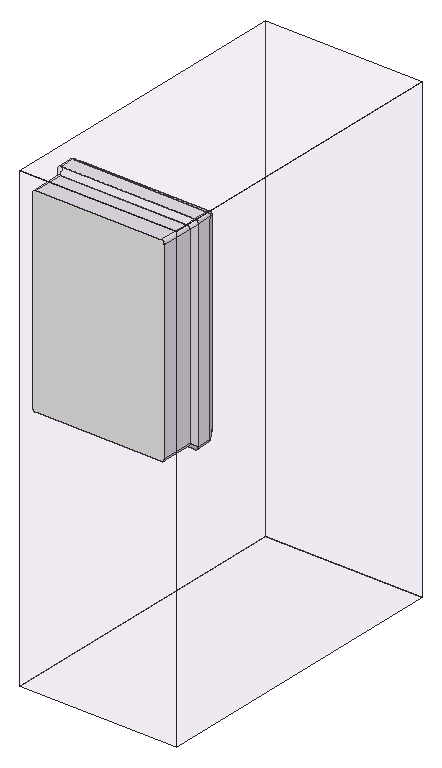
Revit family "TR - CO2, Temp & RH Transmitter", category Electrical Fixtures, host Wall, Revit 2019
Family settings
  Host = Wall
  Maintain Annotation Orientation = No
  Round Connector Dimension = Use Diameter
  Part Type = Normal
  OmniClass Number = 23.80.00.00
  OmniClass Title = Electric Power and Lighting
  Always vertical = Yes
  Cut with Voids When Loaded = No
  Shared = No
  Room Calculation Point = No
Parameters (values of type "Type 1")
  Overall Width = 85 mm
  Overall Height = 125 mm
  Overall Depth = 36 mm
Reference planes
  plane 1: y = 0
  plane 2 "Center (Left/Right)": x = 125
  plane 3 "Back": y = 75
  plane 4: z = 1560
  plane 5: z = 1440
  plane 6: x = 85
  plane 7: x = 165
  plane 8: x = 167.5
  plane 9: x = 82.5
  plane 10: z = 1437.5
  plane 11: z = 1562.5
  plane 12: y = 106.5
  plane 13: y = 111
  plane 14 "Clearance Zone Left": x = 172.5
  plane 15 "Clearance Zone Right": x = 77.5
  plane 16 "Clearance Zone Top": z = 1567.5
  plane 17 "Clearance Zone Bottom": z = 1287.5
  plane 18 "Clearance Zone Front": y = 261
Forms (mm)
  Extrusion 1, solid, material "ABS Plastic - White"
    sketch origin (85, 75, 0) x (1, 0, 0) y (0, 0, -1)
      loop
        line (80, -1558) -> (80, -1442)
        arc (80, -1442) -> (79.414, -1440.586) -> (78, -1440) r 2
        line (78, -1440) -> (2, -1440)
        arc (2, -1440) -> (0.586, -1440.586) -> (0, -1442) r 2
        line (0, -1442) -> (0, -1558)
        arc (0, -1558) -> (0.586, -1559.414) -> (2, -1560) r 2
        line (2, -1560) -> (78, -1560)
        arc (78, -1560) -> (79.414, -1559.414) -> (80, -1558) r 2
    from 0 to 19
  Blend 2, solid, material "ABS Plastic - White"
    base sketch origin (85, 94, 0) x (1, 0, 0) y (0, 0, -1)
      loop
        line (80, -1558) -> (80, -1442)
        arc (80, -1442) -> (79.414, -1440.586) -> (78, -1440) r 2
        line (78, -1440) -> (2, -1440)
        arc (2, -1440) -> (0.586, -1440.586) -> (0, -1442) r 2
        line (0, -1442) -> (0, -1558)
        arc (0, -1558) -> (0.586, -1559.414) -> (2, -1560) r 2
        line (2, -1560) -> (78, -1560)
        arc (78, -1560) -> (79.414, -1559.414) -> (80, -1558) r 2
    top sketch origin (85, 94, 0) x (1, 0, 0) y (0, 0, -1)
      loop
        line (82.5, -1560.5) -> (82.5, -1439.5)
        arc (82.5, -1439.5) -> (81.914, -1438.086) -> (80.5, -1437.5) r 2
        line (80.5, -1437.5) -> (-0.5, -1437.5)
        arc (-0.5, -1437.5) -> (-1.914, -1438.086) -> (-2.5, -1439.5) r 2
        line (-2.5, -1439.5) -> (-2.5, -1560.5)
        arc (-2.5, -1560.5) -> (-1.914, -1561.914) -> (-0.5, -1562.5) r 2
        line (-0.5, -1562.5) -> (80.5, -1562.5)
        arc (80.5, -1562.5) -> (81.914, -1561.914) -> (82.5, -1560.5) r 2
    from 0 to 3.5
  Extrusion 3, solid, material "ABS Plastic - White"
    sketch origin (85, 97.5, 0) x (1, 0, 0) y (0, 0, -1)
      loop
        line (82.5, -1560.5) -> (82.5, -1439.5)
        arc (82.5, -1439.5) -> (81.914, -1438.086) -> (80.5, -1437.5) r 2
        line (80.5, -1437.5) -> (-0.5, -1437.5)
        arc (-0.5, -1437.5) -> (-1.914, -1438.086) -> (-2.5, -1439.5) r 2
        line (-2.5, -1439.5) -> (-2.5, -1560.5)
        arc (-2.5, -1560.5) -> (-1.914, -1561.914) -> (-0.5, -1562.5) r 2
        line (-0.5, -1562.5) -> (80.5, -1562.5)
        arc (80.5, -1562.5) -> (81.914, -1561.914) -> (82.5, -1560.5) r 2
    from 0 to 9
  Blend 4, solid, material "ABS Plastic - White"
    base sketch origin (85, 113, 0) x (1, 0, 0) y (0, 0, 1)
      loop
        arc (80, 1558) -> (79.414, 1559.414) -> (78, 1560) r 2
        line (78, 1560) -> (2, 1560)
        arc (2, 1560) -> (0.586, 1559.414) -> (0, 1558) r 2
        line (0, 1558) -> (0, 1442)
        arc (0, 1442) -> (0.586, 1440.586) -> (2, 1440) r 2
        line (2, 1440) -> (78, 1440)
        arc (78, 1440) -> (79.414, 1440.586) -> (80, 1442) r 2
        line (80, 1442) -> (80, 1558)
    top sketch origin (85, 113, 0) x (1, 0, 0) y (0, 0, 1)
      loop
        arc (82.5, 1560.5) -> (81.914, 1561.914) -> (80.5, 1562.5) r 2
        line (80.5, 1562.5) -> (-0.5, 1562.5)
        arc (-0.5, 1562.5) -> (-1.914, 1561.914) -> (-2.5, 1560.5) r 2
        line (-2.5, 1560.5) -> (-2.5, 1439.5)
        arc (-2.5, 1439.5) -> (-1.914, 1438.086) -> (-0.5, 1437.5) r 2
        line (-0.5, 1437.5) -> (80.5, 1437.5)
        arc (80.5, 1437.5) -> (81.914, 1438.086) -> (82.5, 1439.5) r 2
        line (82.5, 1439.5) -> (82.5, 1560.5)
    from 2 to 6.5
  Extrusion 5, solid, material "Clearance Zones"
    sketch origin (85, 107.5, 0) x (-1, 0, 0) y (0, 0, 1)
      loop
        line (-87.5, 1567.5) -> (-87.5, 1287.5) -> (7.5, 1287.5) -> (7.5, 1567.5) -> (-87.5, 1567.5)
    from -32.5 to 153.5
Text (mm)
  text "Placement side" at (-1867.185, 1116.779, 0), in view "Ref. Level"
  text "Placement side" at (0, 1270.507, 3001.832), in view "Left"
  text "Placement side" at (0, 530.812, 2999.686), in view "Right"
Dimensions and locks
  locked: plane 3 "Back" to host wall
  "Overall Width": plane 8 to plane 9
  "Overall Height": plane 10 to plane 11
  "Overall Depth": plane 3 "Back" to plane 13
  equal spacing: plane 8, plane 2 "Center (Left/Right)", plane 9, locked at 42.5 each
  locked: plane 15 "Clearance Zone Right" to Extrusion 3 at 5
  locked: Extrusion 3 to plane 16 "Clearance Zone Top" at 5
  locked: plane 8 to plane 14 "Clearance Zone Left" at 5
  locked: plane 17 "Clearance Zone Bottom" to plane 10 at 150
  plane 18 "Clearance Zone Front" to host wall = 186 mm
  aligned and locked: plane 1 to host wall
Automatic sketch dimensions
  Extrusion 1 sketch curve to plane 6 = 0 mm
  Extrusion 1 sketch curve to plane 4 = 0 mm
  Extrusion 1 sketch curve to plane 5 = 0 mm
  Extrusion 1 sketch curve to plane 7 = 0 mm
  Extrusion 1 sketch curve to Extrusion 1 sketch curve = 2 mm
  plane 6 to Extrusion 1 sketch curve = 2 mm
  Extrusion 1 sketch curve to plane 7 = 2 mm  (x2)
  Blend 2 sketch curve to plane 6 = 0 mm
  Blend 2 sketch curve to plane 4 = 0 mm
  Blend 2 sketch curve to plane 5 = 0 mm
  Blend 2 sketch curve to plane 7 = 0 mm
  Blend 2 sketch curve to Blend 2 sketch curve = 2 mm
  plane 6 to Blend 2 sketch curve = 2 mm
  Blend 2 sketch curve to plane 7 = 2 mm  (x2)
  Blend 2 sketch curve to plane 9 = 0 mm
  Blend 2 sketch curve to plane 11 = 0 mm
  Blend 2 sketch curve to plane 10 = 0 mm
  Blend 2 sketch curve to plane 8 = 0 mm
  plane 4 to Blend 2 sketch curve = 0.5 mm
  Blend 2 sketch curve to plane 6 = 0.5 mm
  plane 7 to Blend 2 sketch curve = 0.5 mm  (x2)
  Extrusion 3 sketch curve to plane 9 = 0 mm
  Extrusion 3 sketch curve to plane 11 = 0 mm
  Extrusion 3 sketch curve to plane 10 = 0 mm
  Extrusion 3 sketch curve to plane 8 = 0 mm
  plane 4 to Extrusion 3 sketch curve = 0.5 mm
  Extrusion 3 sketch curve to plane 6 = 0.5 mm
  plane 7 to Extrusion 3 sketch curve = 0.5 mm  (x2)
  Blend 4 sketch curve to plane 6 = 0 mm
  Blend 4 sketch curve to plane 4 = 0 mm
  Blend 4 sketch curve to plane 5 = 0 mm
  Blend 4 sketch curve to plane 7 = 0 mm
  Blend 4 sketch curve to Blend 4 sketch curve = 2 mm
  plane 6 to Blend 4 sketch curve = 2 mm
  Blend 4 sketch curve to plane 7 = 2 mm  (x2)
  Blend 4 sketch curve to plane 9 = 0 mm
  Blend 4 sketch curve to plane 11 = 0 mm
  Blend 4 sketch curve to plane 10 = 0 mm
  Blend 4 sketch curve to plane 8 = 0 mm
  plane 4 to Blend 4 sketch curve = 0.5 mm
  Blend 4 sketch curve to plane 6 = 0.5 mm
  plane 7 to Blend 4 sketch curve = 0.5 mm  (x2)
  plane 14 "Clearance Zone Left" to Extrusion 5 sketch curve = 0 mm
  Extrusion 5 sketch curve to plane 15 "Clearance Zone Right" = 0 mm
  Extrusion 5 sketch curve to plane 17 "Clearance Zone Bottom" = 0 mm
  Extrusion 5 sketch curve to plane 16 "Clearance Zone Top" = 0 mm
Connectors
  electrical at (125, 75, 1500)
    settings: on Extrusion 1, index 1, voltage 24 V, apparent load 0 VA, apparent load phase1 1 VA, apparent load phase2 0 VA, apparent load phase3 0 VA, power factor 1, load classification "Power", number of poles 1, system type 31, power factor state 1, is connector primary yes, connector utility no, sub classification motor no, connector description ""
